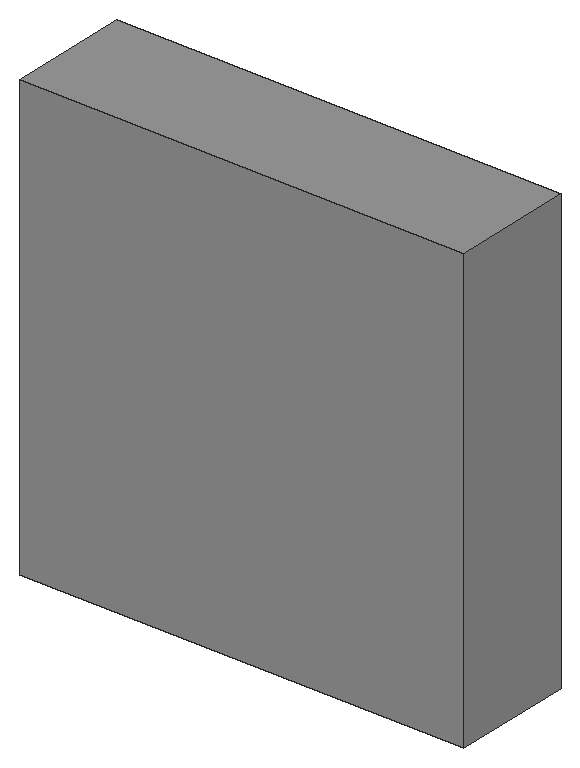
Revit family "KG_W_Anbaulautsprecher_V1700", category Kommunikationsgeräte, Revit 2017
Family settings
  Beschriftungsausrichtung beibehalten = Nein
  Bemaßung runder Anschluss = Durchmesser verwenden
  Teiletyp = Normal
  OmniClass-Nummer = 23.85.10.11.14.14.14
  OmniClass-Titel = Loudspeakers
  Arbeitsebenenbasiert = Nein
  Immer vertikal = Ja
  Beim Laden mit Abzugskörper schneiden = Ja
  Gemeinsam genutzt = Nein
  Raumberechnungspunkt = Nein
Parameters (values of type "Lautsprecher_EMA")
  pbr_Material_KZ = ""
  pbr_Material = none
  pbr_E_Typ = ""
  pbr_E_KZ = ""
  pbr_DINBild = 0
  pbr_Bild = 0
  pbr_3Dx_Delta_Korrekturversatz [instance] = 0 mm
  pbr_3DX_Versatzfaktor [instance] = 0
  pbr_2DY_Versatzfaktor [instance] = 0
  pbr_2DX_Versatzfaktor [instance] = 0
  lfd_STRK [instance] = 0
  cpiFitMatchKey [instance] = "E-ZK VS I"
  Zentrale [instance] = ""
  Typ [instance] = ""
  Tiefe = 37 mm
  Text3 [instance] = ""
  Text2 [instance] = ""
  Text1 [instance] = ""
  Planungsbüro Rohling = "www.pbr.de"
  Netzart = ""
  Menge(Dosenzahl) [instance] = 0
  Länge = 135 mm
  Linie/Anschluss [instance] = ""
  Linie [instance] = ""
  Lautsprecher Anbau Typ B = no
  Lautsprecher Anbau Typ A = no
  Lautsprecher (EMA) = yes
  Lastklassifizierung = none
  Installationsart [instance] = ""
  Info [instance] = ""
  Gewerk [instance] = "EMA"
  Eckversatz [instance] = 0 mm
  YFrontversatz [instance] = if(pbr_2DY_Versatzfaktor = 300, 0 mm, pbr_2DY_Versatzfaktor * 300 mm)  # 0 mm
  XSeitenversatz [instance] = if(pbr_2DX_Versatzfaktor = 0, 3000 mm, 3000 mm + (pbr_2DX_Versatzfaktor * 300 mm)) + Eckversatz  # 3000 mm
  X3Dversatz [instance] = if([3DX_Versatzkontrolle] = 0, 2000 mm, 2000 mm + ([3DX_Versatzkontrolle] * (300 mm - Breite))) + pbr_3Dx_Delta_Korrekturversatz  # 2000 mm
  Niveau [instance] = 1200 mm
  Bus [instance] = ""
  Breite = 135 mm
  Betriebsstrom ruhe [instance] = 0
  Betriebsstrom max [instance] = 0
  Außenlautsprecher = no
  3DX_Versatzkontrolle [instance] = if(pbr_3DX_Versatzfaktor = 0, (pbr_2DX_Versatzfaktor * -1), (((-1 * pbr_3DX_Versatzfaktor) + pbr_2DX_Versatzfaktor) * -1))  # 0
Types (5, lengths in mm): name | Lautsprecher Anbau Typ B | Lautsprecher Anbau Typ A | Lautsprecher (EMA) | Gewerk | Außenlautsprecher
  Außenlautsprecher_ELA | no | no | no | "ELA" | yes
  Lautsprecher_Anbau_TypA_ELA | no | yes | no | "ELA" | no
  Lautsprecher_Anbau_TypB_ELA | yes | no | no | "ELA" | no
  Lautsprecher_EMA | no | no | yes | "EMA" | no
  Außenlautsprecher_SPA | no | no | no | "SPA" | yes
Reference planes
  plane 1 "Mitte (Vorne/Hinten)": y = 0
  plane 2: z = 0
  plane 3 "Mitte (Links/Rechts)": x = 22.5
  plane 4: x = -127.5
  plane 5: x = 172.5
  plane 6: y = 300
  plane 7 "Schalterhinten": y = 0
  plane 8: x = -2977.5
  plane 9: x = 22.5
  plane 10: x = -1977.5
  plane 11: x = -45
  plane 12: x = 90
  plane 13: z = 1267.5
  plane 14: z = 1132.5
  plane 15 "SchalterVorne": y = 37
  plane 16 "3DMitte": x = 22.5
  plane 17 "Achse": z = 1200
  plane 18: z = 1225
  plane 19: z = 1175
  plane 20 "2DMitte": y = 150
Forms (mm)
  Extrusion 1, solid, material "Stahl, weich, geschweißt"
    sketch origin (0, 20, 0) x (0, 0, 1) y (-1, 0, 0)
      loop
        line (1132.5, 45) -> (1132.5, -90) -> (1267.5, -90) -> (1267.5, 45) -> (1132.5, 45)
    from -17 to 20
Dimensions and locks
  locked: plane 6 to plane 7 "Schalterhinten" at 300
  "XSeitenversatz": plane 8 to plane 9
  plane 8 to plane 3 "Mitte (Links/Rechts)" = 3000 mm
  "YFrontversatz": plane 1 "Mitte (Vorne/Hinten)" to plane 7 "Schalterhinten"
  "Breite": plane 12 to plane 11
  "Länge": plane 13 to plane 14
  plane 9 to plane 10 = 2000 mm
  equal spacing: plane 12, plane 16 "3DMitte", plane 11
  "X3Dversatz": plane 16 "3DMitte" to plane 10
  equal spacing: plane 13, plane 17 "Achse", plane 14
  "Niveau": plane 17 "Achse" to level
  "Tiefe": plane 15 "SchalterVorne" to plane 1 "Mitte (Vorne/Hinten)"
  plane 13 to plane 18 = 42.5 mm
  plane 19 to plane 14 = 42.5 mm
  equal spacing: plane 4, plane 9, plane 5, locked at 150 each
  locked: plane 4 to plane 5 at 300
  equal spacing: plane 6, plane 20 "2DMitte", plane 7 "Schalterhinten", locked at 150 each
  aligned and locked: level to plane 2
  aligned and locked: Extrusion 1 sketch curve to plane 14
  aligned and locked: Extrusion 1 sketch curve to plane 11
  aligned and locked: Extrusion 1 sketch curve to plane 13
  aligned and locked: plane 12 to Extrusion 1 sketch curve
  aligned and locked: plane 1 "Mitte (Vorne/Hinten)" to Extrusion 1
  aligned and locked: Extrusion 1 to plane 15 "SchalterVorne"
  aligned and locked: nested 1 to plane 9
  aligned and locked: nested 1 to plane 7 "Schalterhinten"
  aligned and locked: nested 2 to plane 9
  aligned and locked: nested 2 to plane 7 "Schalterhinten"
  aligned and locked: nested 3 to plane 9
  aligned and locked: nested 3 to plane 7 "Schalterhinten"
  aligned and locked: nested 4 to plane 9
  aligned and locked: nested 4 to plane 7 "Schalterhinten"
Nested families
  nested 1: "Außenlautsprecher" at (22.5, 0, 0), visible <- "Außenlautsprecher", type "Außenlautsprecher"
  nested 2: "Lautsprecher (EMA)" at (22.5, 0, 0), visible <- "Lautsprecher (EMA)", type "Lautsprecher (EMA)"
  nested 3: "Lautsprecher Anbau Typ A" at (22.5, 0, 0), visible <- "Lautsprecher Anbau Typ A", type "Lautsprecher Anbau Typ A"
  nested 4: "Lautsprecher Anbau Typ B" at (22.5, 0, 0), visible <- "Lautsprecher Anbau Typ B", type "Lautsprecher Anbau Typ B"
Connectors
  electrical at (22.5, 0, 1200)
    settings: on Extrusion 1, index 1, voltage 0 V, apparent load 0 VA, apparent load phase1 0 VA, apparent load phase2 0 VA, apparent load phase3 0 VA, power factor 1, load classification "Sonstige", number of poles 1, system type 14, power factor state 1, is connector primary yes, connector utility no, sub classification motor no, connector description ""
Definition of nested family "Außenlautsprecher"
  Parameters (values of type "Außenlautsprecher")
    Lautsprecher = yes
    Aussenlautsprecher = no
  Reference planes
    plane 1 "Mitte (Vorne/Hinten)": y = 0
    plane 2: z = 0
    plane 3 "Mitte (Links/Rechts)": x = 0
    plane 4: x = 0
    plane 5: y = 0
  Lines and regions (mm)
    detail lines, in view "Referenzebene", visible <- "Lautsprecher"
      curve 1: line (-58.295, 6.036, 0) -> (-58.295, 121.236, 0)
      curve 2: line (-58.295, 121.236, 0) -> (56.905, 121.236, 0)
      curve 3: line (56.905, 121.236, 0) -> (56.905, 6.036, 0)
      curve 4: line (56.905, 6.036, 0) -> (-58.295, 6.036, 0)
      curve 5: line (-58.295, 121.236, 0) -> (-131.938, 317.9, 0)
      curve 6: line (-131.938, 317.9, 0) -> (130.578, 317.889, 0)
      curve 7: line (130.578, 317.889, 0) -> (56.905, 121.236, 0)
    detail lines, in view "Referenzebene"
      curve 8: line (-133.677, 0, 0) -> (133.677, 0, 0)
      curve 9: line (-133.677, 325, 0) -> (-133.677, 0, 0)
      curve 10: line (133.677, 325, 0) -> (-133.677, 325, 0)
      curve 11: line (133.677, 0, 0) -> (133.677, 325, 0)
Definition of nested family "Lautsprecher (EMA)"
  Parameters (values of type "Lautsprecher (EMA)")
    Lautsprecher = yes
    Design-Lautsprecher = yes
    Anbau-Lautsprecher Typ A = yes
  Reference planes
    plane 1 "Mitte (Vorne/Hinten)": y = 0
    plane 2: z = 0
    plane 3 "Mitte (Links/Rechts)": x = 0
  Lines and regions (mm)
    detail lines, in view "Referenzebene", visible <- "Lautsprecher"
      curve 1: line (-56.597, 0, 0) -> (-56.597, 115.2, 0)
      curve 2: line (-56.597, 115.2, 0) -> (58.603, 115.2, 0)
      curve 3: line (58.603, 115.2, 0) -> (58.603, 0, 0)
      curve 4: line (58.603, 0, 0) -> (-56.597, 0, 0)
      curve 5: line (-56.597, 115.2, 0) -> (-130.24, 311.864, 0)
      curve 6: line (-130.24, 311.864, 0) -> (132.276, 311.853, 0)
      curve 7: line (132.276, 311.853, 0) -> (58.603, 115.2, 0)
Definition of nested family "Lautsprecher Anbau Typ A"
  Parameters (values of type "Lautsprecher Anbau Typ A")
    Anbau-Lautsprecher Typ A = yes
  Reference planes
    plane 1 "Mitte (Vorne/Hinten)": y = 0
    plane 2: z = 0
    plane 3 "Mitte (Links/Rechts)": x = 0
  Lines and regions (mm)
    detail lines, in view "Referenzebene", visible <- "Anbau-Lautsprecher Typ A"
      curve 1: line (124.048, 39.267, 0) -> (110.497, 0, 0)
      curve 2: line (110.497, 0, 0) -> (0, 0, 0)
      curve 3: line (0, 0, 0) -> (0, 82.427, 0)
      curve 4: line (93.794, 66.095, 0) -> (147.45, 126.601, 0)
      curve 5: line (147.45, 126.601, 0) -> (207.957, 72.946, 0)
      curve 6: line (207.957, 72.946, 0) -> (154.301, 12.439, 0)
      curve 7: line (154.301, 12.439, 0) -> (93.794, 66.095, 0)
      curve 8: line (147.45, 126.601, 0) -> (200.369, 264.196, 0)
      curve 9: line (200.369, 264.196, 0) -> (338.246, 141.92, 0)
      curve 10: line (338.246, 141.92, 0) -> (207.957, 72.946, 0)
Definition of nested family "Lautsprecher Anbau Typ B"
  Parameters (values of type "Lautsprecher Anbau Typ B")
    Anbau-Lautsprecher Typ A = yes
  Reference planes
    plane 1 "Mitte (Vorne/Hinten)": y = 0
    plane 2: z = 0
    plane 3 "Mitte (Links/Rechts)": x = 0
  Lines and regions (mm)
    detail lines, in view "Referenzebene", visible <- "Anbau-Lautsprecher Typ A"
      curve 1: line (0, 0, 0) -> (0, 82.427, 0)
      curve 2: line (-124.048, 39.267, 0) -> (-110.497, 0, 0)
      curve 3: line (-110.497, 0, 0) -> (0, 0, 0)
      curve 4: line (-93.794, 66.095, 0) -> (-147.45, 126.601, 0)
      curve 5: line (-147.45, 126.601, 0) -> (-207.957, 72.946, 0)
      curve 6: line (-207.957, 72.946, 0) -> (-154.301, 12.439, 0)
      curve 7: line (-154.301, 12.439, 0) -> (-93.794, 66.095, 0)
      curve 8: line (-147.45, 126.601, 0) -> (-200.369, 264.196, 0)
      curve 9: line (-200.369, 264.196, 0) -> (-338.246, 141.92, 0)
      curve 10: line (-338.246, 141.92, 0) -> (-207.957, 72.946, 0)
